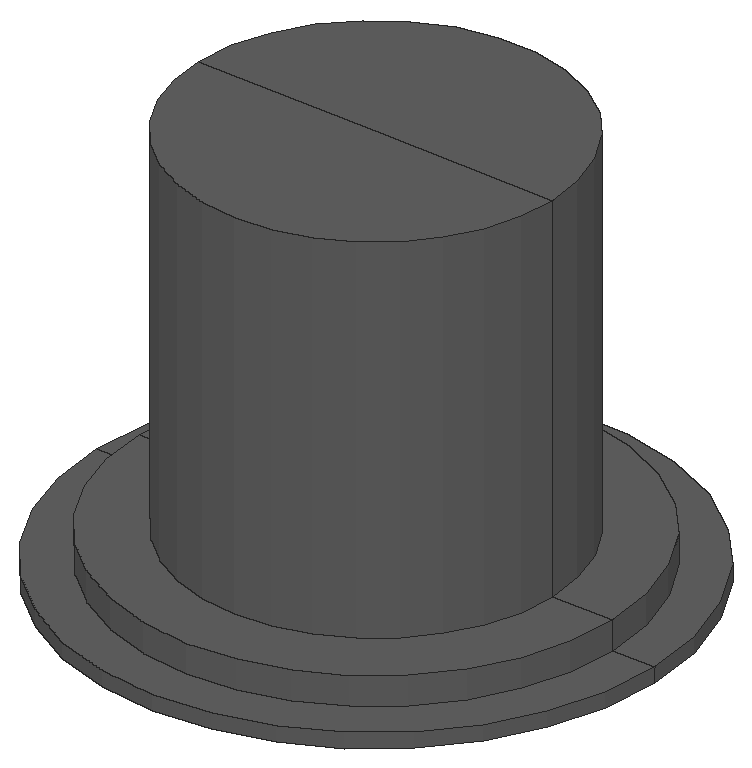
Revit family "LBMS3W_DOWNLIGHT MINIS", category Luminarias, Revit 2019
Family settings
  Cota de conector redondo = Diámetro de uso
  Tipo de pieza = Normal
  Se basa en plano de trabajo = Sí
  Siempre vertical = Sí
  Corte con vacíos al cargar = No
  Origen de luz = Sí
  Compartido = No
  Punto de cálculo de habitación = No
Parameters (values of type "DOWNLIGHT MINI S_LBMS3W")
  Ángulo de inclinación = 60.00°
  Ángulo de enfoque = 40.00°
  Ángulo de campo de foco = 40.00°
  Zone [instance] = ""
  Watt per fixture = 2.2
  Wattage = 2.2 W
  built-in parameter 1150107 = 3000 (stored number, unit not read)
  Radio int = 12.5 mm
  Radio ext = 17.5 mm
  built-in parameter 1150110 = 1 (stored number, unit not read)
  built-in parameter 1150109 = 1 (stored number, unit not read)
  built-in parameter 1150112 = 1 (stored number, unit not read)
  built-in parameter 1150113 = 1 (stored number, unit not read)
  built-in parameter 1114218 = 1 (stored number, unit not read)
  Keynote = ""
  built-in parameter 1150137 = (empty or 0)
  built-in parameter 1150132 = (empty or 0)
  Modelo = "LBMS3W"
  Lámpara = "Osram"
  Longitud de símbolo de origen de luz = 500 mm
  built-in parameter 1150105 = 2154.1 (stored number, unit not read)
  built-in parameter 1150102 = (empty or 0)
  built-in parameter 1150106 = 21.541 (stored number, unit not read)
  Lumens = 213.62 lm
  Color Filter = 16777215
  built-in parameter 1114217 = 1 (stored number, unit not read)
  built-in parameter 1150139 = (empty or 0)
  Fabricante = "BRILLANT"
  Default Elevation = 1219.2 mm
  built-in parameter 1150104 = 9.0209 (stored number, unit not read)
  Descripción = "LUMINARIA MINI, TIPO CIRCULAR, PARA EMPOTRAR EN TECHO CON 35MM DE DIAMETRO POR 24MM DE HOUSING, CUERPO Y ANILLO EN COLOR NEGRO, IP 20 USO PARA INTERIORES, CUENTA CON 1 LED TIPO OSRAM CON UNA POTENCIA DE 2.2W, A UNA TEMPERATURA EN BLANCO CALIDO 3000K, IRC 80, APERTURA A 40 GRADOS, ALIMENTADA A 12V. REQUIERE ACCESORIOS."
  built-in parameter 1150115 = 1 (stored number, unit not read)
  built-in parameter 1150114 = 1 (stored number, unit not read)
  Comentarios de vataje = "12V"
  built-in parameter 1150138 = (empty or 0)
  built-in parameter 1150134 = (empty or 0)
  Circuit [instance] = ""
  Dimming Lamp Color Temperature Shift = (empty or 0)
  built-in parameter 1150133 = 10 (stored number, unit not read)
Reference planes
  plane 1 "Centro (Frontal/Posterior)": y = 0
  plane 2: z = 0
  plane 3 "Centro (Izquierda/Derecha)": x = 0
Forms (mm)
  Revolve 1, solid, material "Aluminio negro"
    sketch origin (0, 0, 0) x (1, 0, 0) y (0, 0, 1)
      loop
        line (-13.889, -0.9) -> (-13.889, -1.859) -> (-10.379, -1.859) -> (-10.379, -0.458) -> (-5.379, -0.458) -> (-5.379, 4.391) -> (0, 4.391) -> (0, 24) -> (-11.101, 24) -> (-11.101, 1.716) -> (-14.844, 1.716) -> (-14.844, 0) -> (-17.5, 0) -> (-17.5, -0.9) -> (-13.889, -0.9)
      axis (0, -1.859) -> (0, 24)
    angle from 0 to 360
  Revolve 2, solid, material "Acero Inoxidable", not visible
    sketch origin (0, 0, 0) x (1, 0, 0) y (0, 0, 1)
      loop
        line (-53, 3.693) -> (-53, -3.75) -> (-51.344, -3.75) -> (-36.344, 11.25) -> (0, 11.25) -> (0, 51.82) -> (-49.098, 51.82) -> (-49.098, 3.693) -> (-53, 3.693)
      axis (0, -3.75) -> (0, 51.82)
    angle from 0 to 360
  Extrusion 3, solid, material "Acero Inoxidable", not visible
    sketch origin (0, 0, 0) x (1, 0, 0) y (0, 1, 0)
      loop
        arc (-37.804, -31.327) -> (0, -49.098) -> (37.804, -31.327) r 49.098
        line (37.804, -31.327) -> (37.804, 31.327) -> (26.507, 41.327) -> (-26.507, 41.327) -> (-37.804, 31.327) -> (-37.804, -31.327)
    from 51.82 to 108.492
  Extrusion 4, void, not visible
    sketch origin (0, 0, 0) x (1, 0, 0) y (0, 1, 0)
      loop
        line (-21.273, 41.327) -> (-21.273, 16.327) -> (-18.727, 16.327) -> (-18.727, 41.327) -> (-21.273, 41.327)
      loop
        line (-16.273, 41.327) -> (-16.273, 16.327) -> (-13.727, 16.327) -> (-13.727, 41.327) -> (-16.273, 41.327)
      loop
        line (-11.273, 41.327) -> (-11.273, 16.327) -> (-8.727, 16.327) -> (-8.727, 41.327) -> (-11.273, 41.327)
      loop
        line (-6.273, 41.327) -> (-6.273, 16.327) -> (-3.727, 16.327) -> (-3.727, 41.327) -> (-6.273, 41.327)
      loop
        line (-1.273, 41.327) -> (-1.273, 16.327) -> (1.273, 16.327) -> (1.273, 41.327) -> (-1.273, 41.327)
      loop
        line (21.273, 41.327) -> (18.727, 41.327) -> (18.727, 16.327) -> (21.273, 16.327) -> (21.273, 41.327)
      loop
        line (16.273, 41.327) -> (13.727, 41.327) -> (13.727, 16.327) -> (16.273, 16.327) -> (16.273, 41.327)
      loop
        line (11.273, 41.327) -> (8.727, 41.327) -> (8.727, 16.327) -> (11.273, 16.327) -> (11.273, 41.327)
      loop
        line (6.273, 41.327) -> (3.727, 41.327) -> (3.727, 16.327) -> (6.273, 16.327) -> (6.273, 41.327)
    from 51.82 to 114.316
  Extrusion 5, solid, material "Acero Inoxidable", not visible
    sketch origin (0, 0, 0) x (1, 0, 0) y (0, 1, 0)
      loop
        arc (-27.655, 25.776) -> (0, -37.804) -> (27.655, 25.776) r 37.804
        arc (27.655, 25.776) -> (24.503, 33.265) -> (23.488, 41.327) r 29.844
        line (23.488, 41.327) -> (-23.488, 41.327)
        arc (-23.488, 41.327) -> (-24.503, 33.265) -> (-27.655, 25.776) r 29.844
    from 108.492 to 114.316
  Extrusion 6, void, not visible
    sketch origin (0, 0, 0) x (0, 1, 0) y (0, 0, 1)
      loop
        line (46.026, 75.747) -> (1.026, 51.82) -> (46.026, 51.82) -> (46.026, 75.747)
    from -37.804 to 37.804
  Extrusion 7, solid, material "Acero Inoxidable", not visible
    sketch origin (0, 0, 0) x (1, 0, 0) y (0, 1, 0)
      loop
        line (-32.068, 17.104) -> (-32.068, 1.026) -> (32.068, 1.026) -> (32.068, 17.104)
        arc (32.068, 17.104) -> (0, 36.344) -> (-32.068, 17.104) r 36.344
    from 51.82 to 73.248
Lines and regions (mm)
  model lines, not visible
    curve 1: circle (0, 0, 0) r 85 normal (0, -1, 0)
Dimensions and locks
  Revolve 2 sketch curve to Revolve 2 sketch curve = 53 mm
  "Radio ext": plane 3 "Centro (Izquierda/Derecha)" to Revolve 1 sketch curve
  Revolve 1 sketch curve to level = 24 mm
  aligned and locked: level to plane 2
Automatic sketch dimensions
  Revolve 1 sketch curve to level = 0 mm
  Revolve 1 sketch curve to plane 3 "Centro (Izquierda/Derecha)" = 0 mm  (x2)
  Revolve 1 sketch curve to Revolve 1 sketch curve = 2.656 mm
  Revolve 1 sketch curve to Revolve 1 sketch curve = 0.955 mm
  Revolve 1 sketch curve to plane 3 "Centro (Izquierda/Derecha)" = 11.101 mm
  Revolve 1 sketch curve to Revolve 1 sketch curve = 3.509 mm
  Revolve 1 sketch curve to plane 3 "Centro (Izquierda/Derecha)" = 5.379 mm
  Revolve 1 sketch curve to level = 0.458 mm
  Revolve 1 sketch curve to level = 0.9 mm
  Revolve 1 sketch curve to Revolve 1 sketch curve = 1.401 mm
  level to Revolve 1 sketch curve = 1.716 mm
  level to Revolve 1 sketch curve = 4.391 mm
  Revolve 1 sketch curve to Revolve 1 sketch curve = 0 mm
  Revolve 1 sketch curve to Revolve 1 sketch curve = 55 mm
Connectors
  electrical at (0, 0, 24)
    settings: on Revolve 1, index 1, voltage 12 V, apparent load 0 VA, apparent load phase1 0 VA, apparent load phase2 0 VA, apparent load phase3 0 VA, power factor 1, load classification "Otro", number of poles 1, system type 31, power factor state 1, is connector primary yes, connector utility no, sub classification motor no, connector description ""
